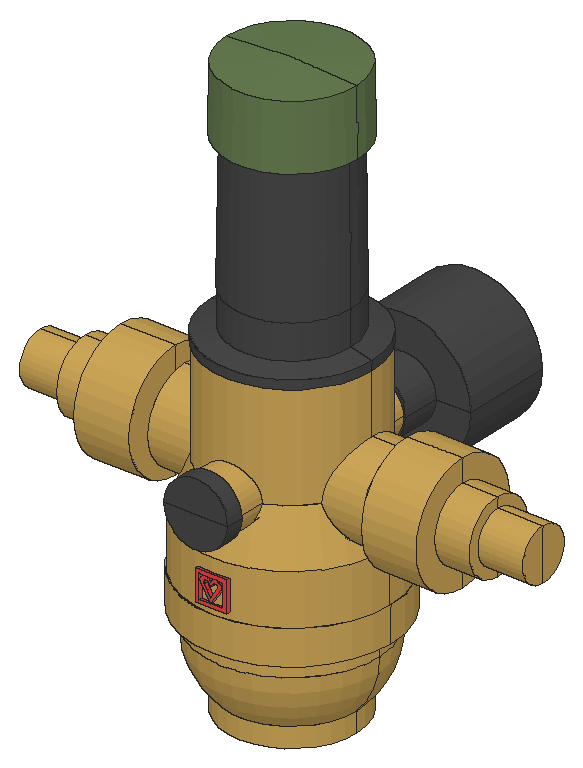
Revit family "Мембранный редуктор давления с крышкой фильтрующего элемента из латуни 2682", category Rohrzubehör, Revit 2019
Family settings
  Bemaßung runder Anschluss = Durchmesser verwenden
  Teiletyp = Unterbricht
  OmniClass-Nummer = 23.65.55.14
  OmniClass-Titel = Valves for Liquid Services
  Arbeitsebenenbasiert = Nein
  Immer vertikal = Ja
  Beim Laden mit Abzugskörper schneiden = Nein
  Gemeinsam genutzt = Nein
Parameters (values of type "Манометр сзади")
  Фильтрующий элемент = "нержавеющая сталь, размер ячейки 0.3 мм"  # constant formula
  Пружина = "пружинная сталь"  # constant formula
  Примечание = "В соответствии со статьей 33 Регламента REACH (Registration; Evaluation; Authorisation; Restriction of Chemicals) (EC № 1907/2006) мы обязаны указать, что свинец внесен в список SVHC (Substances of Very High Concern - вещества очень высокой важности) и весовой процент свинца во всех латунных компонентах заводского изготовления в наших изделиях, превышает 0,1 % (w/w) (CAS: 7439-92-1 / EINECS: 231-100-4).\r\nПоскольку свинец является легирующим компонентом сплава, прямое негативное влияние исключается, и поэтому дополнительной информации о безопасном использовании не требуется."
  Область применения = "Мембранный редуктор давления защищает установки от избыточного давления (снижает давление на входе до рабочего уровня).\r\nРедуктор также может использоваться в системах отопления для защиты водонагревателя от высокого давления.\r\nДавление на выходе настраивается в указанном диапазоне и не зависит от изменения давления на входе.\r\nДавление на выходе можно регулировать путем поворота зеленого маховика.\r\nПри повороте маховика по часовой стрелке увеличивается давление на выходе.\r\nПревышение значений, указанных на шкале редуктора, может привести к повреждению устройства.\r\nДля систем в частных домах рекомендуется установить давление на выходе равным 4 бара, что обеспечивает длительный срок службы изделия и низкие затраты во время его эксплуатации.\r\nПосле изменения настройки необходимо открыть и затем закрыть водоразборный кран и далее проконтролировать достигнутое значение настроенного давления по манометру при закрытом кране водоразбора."
  Номер заказа [instance] = size_lookup("2682_M_", "Artnr", 0, Nennweite)  # 1268221
  Направляющая пружины = "нержавеющая сталь"  # constant formula
  Маховик = "пластик PA6.6, зеленого цвета"  # constant formula
  Макс. рабочая температура = 70 °C  # constant formula
  Букса = "PA6.6"  # constant formula
  Заводская настройка давления на выходе = 300000.0 Pa  # constant formula
  W01 = 91.00°  # constant formula
  Vorne [instance] = no
  VRL03 [instance] = size_lookup("2682_M_", "VRL3", 1.000 mm, Nennweite)  # 23.500 mm
  VRL02 [instance] = size_lookup("2682_M_", "VRL2", 1.000 mm, Nennweite)  # 16.000 mm
  VRL01 [instance] = size_lookup("2682_M_", "VRL1", 1.000 mm, Nennweite)  # 73.500 mm
  VRD02 [instance] = size_lookup("2682_M_", "VRD2", 1.000 mm, Nennweite)  # 17.000 mm
  VRD01 [instance] = size_lookup("2682_M_", "VRD1", 1.000 mm, Nennweite)  # 10.500 mm
  VRAG [instance] = Nennweite / 2  # 7.500 mm
  URL = "www.herz-armaturen.ru"
  Стандарт = "EN 1567"  # constant formula
  SC_NennweiteBerechnet = 0
  SC_Dimension = ""
  SCTWSEQ = "AW;SBT_TYP_AW=\"111\";2"
  SCTWCODE = "04;24;02"  # constant formula
  S02 = 10.000 mm  # constant formula
  S01 [instance] = VRD02 * 2  # 34.000 mm
  R07 [instance] = R05 + 0.800 mm  # 9.300 mm
  R06 = 19.500 mm  # constant formula
  R05 [instance] = size_lookup("2682_M_", "R5", 1.000 mm, Nennweite)  # 8.500 mm
  R04 [instance] = size_lookup("2682_M_", "R4", 1.000 mm, Nennweite)  # 18.900 mm
  R03 [instance] = size_lookup("2682_M_", "R3", 1.000 mm, Nennweite)  # 19.250 mm
  R02 [instance] = size_lookup("2682_M_", "R2", 1.000 mm, Nennweite)  # 28.750 mm
  R01 [instance] = size_lookup("2682_M_", "R1", 1.000 mm, Nennweite)  # 23.250 mm
  Nennweite [instance] = 15.000 mm
  Мембрана = "EPDM"  # constant formula
  Среда = "Питьевая вода"  # constant formula
  Макс. давление на входе = 1600000.0 Pa  # constant formula
  Шкала манометра = "0 - 10 bar"  # constant formula
  Подключение манометра (с обеих сторон) = "1/4\" F (ISO 228-1)"
  LO01 [instance] = H02 - 2.000 mm  # 27.000 mm
  L01 [instance] = size_lookup("2682_M_", "L1", 1.000 mm, Nennweite)  # 10.600 mm
  L00 [instance] = size_lookup("2682_M_", "L", 1.000 mm, Nennweite)  # 84.000 mm
  Крышка = "латунь CW617N"  # constant formula
  Соединение "американка" = "латунь CW617N"  # constant formula
  Hinten [instance] = yes
  Hersteller = "HERZ Armaturen Ges.m.b.H."  # constant formula
  H12 [instance] = size_lookup("2682_M_", "H12", 1.000 mm, Nennweite)  # 5.800 mm
  H11 [instance] = size_lookup("2682_M_", "H11", 1.000 mm, Nennweite)  # 10.000 mm
  H10 [instance] = size_lookup("2682_M_", "H10", 1.000 mm, Nennweite)  # 37.000 mm
  H09 [instance] = H01 + H04 - H05  # 84.500 mm
  H08 [instance] = size_lookup("2682_M_", "H8", 1.000 mm, Nennweite)  # 20.000 mm
  H07 [instance] = size_lookup("2682_M_", "H7", 1.000 mm, Nennweite)  # 10.000 mm
  H06 [instance] = size_lookup("2682_M_", "H6", 1.000 mm, Nennweite)  # 2.500 mm
  H05 [instance] = size_lookup("2682_M_", "H5", 1.000 mm, Nennweite)  # 4.700 mm
  H04 [instance] = size_lookup("2682_M_", "H4", 1.000 mm, Nennweite)  # 58.700 mm
  H03 [instance] = D02 + 1.000 mm  # 14.220 mm
  H02 [instance] = size_lookup("2682_M_", "H2", 1.000 mm, Nennweite)  # 29.000 mm
  H01 [instance] = size_lookup("2682_M_", "H1", 1.000 mm, Nennweite)  # 30.500 mm
  Корпус (DN32-DN50) = "литая латунь (EN 1982; CC770S)"  # constant formula
  Корпус (DN15-DN25) = "штампованная латунь (EN 12165; CW626N)"  # constant formula
  GT1 [instance] = size_lookup("2682_M_", "GT1", 1.000 mm, Nennweite)  # 12.000 mm
  GT [instance] = size_lookup("2682_M_", "GT", 1.000 mm, Nennweite)  # 13.200 mm
  Диапазон настройки выходного давления = "1.5 - 6 bar"  # constant formula
  Уплотнение в мембранном редукторе = "EPDM"  # constant formula
  Уплотнение соединения "американка" = "Klingersil C-4324"  # constant formula
  D09 [instance] = size_lookup("2682_M_", "D9", 1.000 mm, Nennweite)  # 19.000 mm
  D08 [instance] = size_lookup("2682_M_", "D8", 1.000 mm, Nennweite)  # 25.800 mm
  D07 [instance] = size_lookup("2682_M_", "D7", 1.000 mm, Nennweite)  # 29.000 mm
  D06 [instance] = size_lookup("2682_M_", "D6", 1.000 mm, Nennweite)  # 16.000 mm
  D05 [instance] = size_lookup("2682_M_", "D5", 1.000 mm, Nennweite)  # 16.800 mm
  D04 [instance] = size_lookup("2682_M_", "D4", 1.000 mm, Nennweite)  # 17.300 mm
  D03 [instance] = size_lookup("2682_M_", "D3", 1.000 mm, Nennweite)  # 23.500 mm
  D02 [instance] = size_lookup("2682_M_", "D2", 1.000 mm, Nennweite)  # 13.220 mm
  D01 [instance] = size_lookup("2682_M_", "D1", 1.000 mm, Nennweite)  # 9.525 mm
  B03 = 5.000 mm  # constant formula
  B02 = 26.000 mm  # constant formula
  B01 [instance] = size_lookup("2682_M_", "B1", 1.000 mm, Nennweite)  # 30.000 mm
  B00 [instance] = size_lookup("2682_M_", "B", 1.000 mm, Nennweite)  # 67.000 mm
  Наружная резьба подключения = "в соответствии с ISO 7-1 и ISO228"  # constant formula
Types (3, lengths in mm): name | Vorne | Hinten
  (no name) | no | yes
  Манометр спереди | yes | no
  Манометр сзади | no | yes
Reference planes
  plane 1 "Mitte (Vorne/hinten)": y = 0
  plane 2: z = 0
  plane 3 "Mitte (Links/rechts)": x = 0
Forms (mm)
  Revolve 1, solid, material "Messing, weicher Gelbton, geschweißt", detail levels fine
    sketch origin (0, 0, 0) x (1, 0, 0) y (0, 0, 1)
      loop
        line (-42, 0) -> (42, 0) -> (42, 9.525) -> (31.4, 9.525) -> (31.4, 13.22) -> (-31.4, 13.22) -> (-31.4, 9.525) -> (-42, 9.525) -> (-42, 0)
      axis (-42, 0) -> (42, 0)
    angle from 0 to 360
  Revolve 2, solid, material "Messing, weicher Gelbton, geschweißt", detail levels fine
    sketch origin (0, 0, 0) x (1, 0, 0) y (0, 0, 1)
      loop
        line (0, -29) -> (28.75, -29) -> (28.75, -14.22) -> (23.25, 0) -> (23.25, 30.5) -> (0, 30.5) -> (0, -29)
      axis (0, 30.5) -> (0, -29)
    angle from 0 to 360
  Revolve 3, solid, material "Acetalharz, Schwarz", detail levels fine
    sketch origin (0, 0, 0) x (1, 0, 0) y (0, 0, 1)
      loop
        line (0, 30.5) -> (0, 89.2) -> (-16, 89.2) -> (-16, 84.5) -> (-16.8, 84.5) -> (-17.3, 44.5) -> (-17.3, 34.5) -> (-23.5, 33) -> (-23.5, 30.5) -> (0, 30.5)
      axis (0, 89.2) -> (0, 30.5)
    angle from 0 to 360
  Revolve 4, solid, material "Kunststoff GRÜN", detail levels fine
    sketch origin (0, 0, 0) x (1, 0, 0) y (0, 0, 1)
      loop
        line (0, 84.5) -> (19.25, 84.5) -> (18.9, 103.392)
        arc (18.9, 103.392) -> (9.466, 104.223) -> (0, 104.5) r 161.794
        line (0, 104.5) -> (0, 84.5)
      axis (0, 104.5) -> (0, 84.5)
    angle from 0 to 360
  Revolve 5, solid, material "Messing, weicher Gelbton, geschweißt", detail levels fine
    sketch origin (0, 0, 0) x (1, 0, 0) y (0, 0, 1)
      loop
        line (0, -29) -> (0, -66) -> (19, -66) -> (19, -60.2)
        arc (19, -60.2) -> (24.034, -52.577) -> (25.8, -43.615) r 23.626
        line (25.8, -43.615) -> (25.8, -39) -> (29, -39) -> (29, -29) -> (0, -29)
      axis (0, -29) -> (0, -66)
    angle from 0 to 360
  Revolve 6, solid, material "Messing, weicher Gelbton, geschweißt", detail levels fine
    sketch origin (0, 0, 0) x (1, 0, 0) y (0, 0, 1)
      loop
        line (34, 9.525) -> (46, 9.525) -> (46, 0) -> (73.5, 0) -> (73.5, 7.5) -> (60.3, 7.5) -> (60.3, 10.5) -> (50, 10.5) -> (50, 17) -> (34, 17) -> (34, 9.525)
      loop
        line (-34, 9.525) -> (-34, 17) -> (-50, 17) -> (-50, 10.5) -> (-60.3, 10.5) -> (-60.3, 7.5) -> (-73.5, 7.5) -> (-73.5, 0) -> (-46, 0) -> (-46, 9.525) -> (-34, 9.525)
      axis (-73.5, 0) -> (73.5, 0)
    angle from 0 to 360
  Revolve 7, solid, material "Messing, weicher Gelbton, geschweißt", detail levels fine
    sketch origin (0, 0, 0) x (1, 0, 0) y (0, 1, 0)
      loop
        line (0, 30) -> (0, -30) -> (8.5, -30) -> (8.5, 30) -> (0, 30)
      axis (0, 30) -> (0, -30)
    angle from 0 to 360
  Revolve 8, solid, material "Acetalharz, Schwarz", visible <- "Vorne", detail levels fine
    sketch origin (0, 0, 0) x (1, 0, 0) y (0, 1, 0)
      loop
        line (0, -30) -> (0, -65) -> (17.5, -65) -> (17.5, -67) -> (19.5, -67) -> (19.5, -41) -> (9.3, -41) -> (9.3, -30) -> (0, -30)
      axis (0, -30) -> (0, -67)
    angle from 0 to 360
  Revolve 9, solid, material "Acetalharz, Schwarz", visible <- "Vorne", detail levels fine
    sketch origin (0, 0, 0) x (1, 0, 0) y (0, 1, 0)
      loop
        line (0, 30) -> (9.3, 30) -> (9.3, 35) -> (0, 35) -> (0, 30)
      axis (0, 35) -> (0, 30)
    angle from 0 to 360
  Revolve 10, solid, material "Acetalharz, Schwarz", visible <- "Hinten", detail levels fine
    sketch origin (0, 0, 0) x (1, 0, 0) y (0, -1, 0)
      loop
        line (0, 30) -> (9.3, 30) -> (9.3, 35) -> (0, 35) -> (0, 30)
      axis (0, 35) -> (0, 30)
    angle from 0 to 360
  Revolve 11, solid, material "Acetalharz, Weiß", visible <- "Vorne", detail levels fine
    sketch origin (0, 0, 0) x (1, 0, 0) y (0, 1, 0)
      loop
        line (0, -65) -> (0, -66.5) -> (17.5, -66.5) -> (17.5, -65) -> (0, -65)
      axis (0, -65) -> (0, -66.5)
    angle from 0 to 360
  Revolve 12, solid, material "Acetalharz, Schwarz", visible <- "Hinten", detail levels fine
    sketch origin (0, 0, 0) x (1, 0, 0) y (0, -1, 0)
      loop
        line (0, -30) -> (0, -65) -> (17.5, -65) -> (17.5, -67) -> (19.5, -67) -> (19.5, -41) -> (9.3, -41) -> (9.3, -30) -> (0, -30)
      axis (0, -30) -> (0, -67)
    angle from 0 to 360
  Revolve 13, solid, material "Acetalharz, Weiß", visible <- "Hinten", detail levels fine
    sketch origin (0, 0, 0) x (1, 0, 0) y (0, -1, 0)
      loop
        line (0, -65) -> (0, -66.5) -> (17.5, -66.5) -> (17.5, -65) -> (0, -65)
      axis (0, -65) -> (0, -66.5)
    angle from 0 to 360
Lines and regions (mm)
  model lines, detail levels coarse+medium
    curve 1: line (-42, 0, -17) -> (-42, 0, 17)
    curve 2: line (-42, 0, 17) -> (42, 0, -34)
    curve 3: line (42, 0, -34) -> (42, 0, 34)
    curve 4: line (42, 0, 34) -> (-42, 0, -17)
    curve 5: line (-42, 0, 17) -> (-52, 0, 17)
    curve 6: line (-52, 0, 17) -> (-42, 0, 0)
    curve 7: line (-42, 0, -17) -> (-52, 0, -17)
    curve 8: line (-52, 0, -17) -> (-42, 0, 0)
    curve 9: line (-42, 0, 0) -> (-73.5, 0, 0)
    curve 10: line (42, 0, 17) -> (52, 0, 17)
    curve 11: line (52, 0, 17) -> (42, 0, 0)
    curve 12: line (42, 0, -17) -> (52, 0, -17)
    curve 13: line (52, 0, -17) -> (42, 0, 0)
    curve 14: line (42, 0, 0) -> (73.5, 0, 0)
    curve 15: line (-42, -17, 0) -> (-42, 17, 0)
    curve 16: line (-42, 17, 0) -> (42, -34, 0)
    curve 17: line (42, -34, 0) -> (42, 34, 0)
    curve 18: line (42, 34, 0) -> (-42, -17, 0)
    curve 19: line (-42, 17, 0) -> (-52, 17, 0)
    curve 20: line (-52, 17, 0) -> (-42, 0, 0)
    curve 21: line (-42, -17, 0) -> (-52, -17, 0)
    curve 22: line (-52, -17, 0) -> (-42, 0, 0)
    curve 23: line (42, 0, -17) -> (42, 0, 17)
    curve 24: line (42, 0, 17) -> (52, 0, 17)
    curve 25: line (52, 0, 17) -> (42, 0, 0)
    curve 26: line (42, 17, 0) -> (52, 17, 0)
    curve 27: line (52, 17, 0) -> (42, 0, 0)
    curve 28: line (42, -17, 0) -> (52, -17, 0)
    curve 29: line (52, -17, 0) -> (42, 0, 0)
Dimensions and locks
  equal spacing: Revolve 1 sketch curve, plane 3 "Mitte (Links/rechts)", Revolve 1 sketch curve
  "L00": Revolve 1 sketch curve to Revolve 1 sketch curve
  "L01": Revolve 1 sketch curve to Revolve 1 sketch curve  (x2)
  "D01": Revolve 1 sketch curve to Revolve 1 sketch curve  (x2)
  "D02": Revolve 1 sketch curve to plane 2
  "R01": Revolve 2 sketch curve to Revolve 2 sketch curve
  "R02": Revolve 2 sketch curve to Revolve 2 sketch curve
  "H01": Revolve 2 sketch curve to plane 2
  "H02": plane 2 to Revolve 2 sketch curve
  "H03": plane 2 to Revolve 2 sketch curve
  "H01": Revolve 3 sketch curve to plane 2
  "H04": Revolve 3 sketch curve to Revolve 3 sketch curve
  "H05": Revolve 3 sketch curve to Revolve 3 sketch curve
  "H06": Revolve 3 sketch curve to Revolve 3 sketch curve
  "H07": Revolve 3 sketch curve to Revolve 3 sketch curve
  "D03": Revolve 3 sketch curve to Revolve 3 sketch curve
  "D04": Revolve 3 sketch curve to Revolve 3 sketch curve
  "D05": Revolve 3 sketch curve to Revolve 3 sketch curve
  "D06": Revolve 3 sketch curve to Revolve 3 sketch curve
  "R03": Revolve 4 sketch curve to Revolve 4 sketch curve
  "H08": Revolve 4 sketch curve to Revolve 4 sketch curve
  "R04": Revolve 4 sketch curve to plane 3 "Mitte (Links/rechts)"
  "H09": Revolve 4 sketch curve to plane 2
  "H10": Revolve 5 sketch curve to Revolve 5 sketch curve
  "H02": plane 2 to Revolve 5 sketch curve
  "D07": Revolve 5 sketch curve to Revolve 5 sketch curve
  "H11": Revolve 5 sketch curve to Revolve 5 sketch curve
  "D08": Revolve 5 sketch curve to Revolve 5 sketch curve
  "H12": Revolve 5 sketch curve to Revolve 5 sketch curve
  "D09": Revolve 5 sketch curve to Revolve 5 sketch curve
  "VRL02": Revolve 6 sketch curve to Revolve 6 sketch curve  (x2)
  "VRL01": Revolve 6 sketch curve to plane 3 "Mitte (Links/rechts)"
  "GT": Revolve 6 sketch curve to Revolve 6 sketch curve  (x2)
  "VRL03": Revolve 6 sketch curve to Revolve 6 sketch curve  (x2)
  "D01": Revolve 6 sketch curve to plane 2  (x2)
  "GT1": Revolve 6 sketch curve to Revolve 6 sketch curve  (x2)
  "VRAG": Revolve 6 sketch curve to plane 2  (x2)
  "VRD01": Revolve 6 sketch curve to plane 2  (x2)
  "VRD02": Revolve 6 sketch curve to Revolve 6 sketch curve  (x2)
  "VRL01": plane 3 "Mitte (Links/rechts)" to Revolve 6 sketch curve
  "B01": Revolve 7 sketch curve to plane 1 "Mitte (Vorne/hinten)" to Revolve 7 sketch curve
  "R05": Revolve 7 sketch curve to Revolve 7 sketch curve
  "B00": Revolve 8 sketch curve to plane 1 "Mitte (Vorne/hinten)"
  "B01": plane 1 "Mitte (Vorne/hinten)" to Revolve 8 sketch curve
  "B02": Revolve 8 sketch curve to Revolve 8 sketch curve
  "R06": Revolve 8 sketch curve to Revolve 8 sketch curve
  "R07": Revolve 8 sketch curve to Revolve 8 sketch curve
  "R02": nested 1 to plane 1 "Mitte (Vorne/hinten)"
  "LO01": plane 2 to nested 1
  "VRD02": curve 2 to plane 2 to curve 4
  "S01": curve 4 to plane 2 to curve 3
  equal spacing: curve 3, plane 3 "Mitte (Links/rechts)", curve 1
  "L00": curve 3 to curve 1
  "S02": curve 1 to curve 6
  "S02": curve 1 to curve 8
  "VRL01": plane 3 "Mitte (Links/rechts)" to curve 9
  "S02": curve 11 to curve 3
  "S02": curve 13 to curve 3
  "VRL01": curve 14 to plane 3 "Mitte (Links/rechts)"
  "VRD02": curve 10 to plane 2 to curve 12
  equal spacing: curve 15, plane 3 "Mitte (Links/rechts)", curve 17
  "L00": curve 15 to curve 17
  "VRD02": curve 18 to plane 1 "Mitte (Vorne/hinten)" to curve 16
  "S01": curve 17 to plane 1 "Mitte (Vorne/hinten)" to curve 18
  "S02": curve 20 to curve 15
  "S02": curve 22 to curve 15
  "S02": curve 17 to curve 27
  "S02": curve 17 to curve 29
  "VRD02": curve 28 to plane 1 "Mitte (Vorne/hinten)" to curve 26
  "R07": Revolve 9 sketch curve to Revolve 9 sketch curve
  "B03": Revolve 9 sketch curve to Revolve 9 sketch curve
  "B01": plane 1 "Mitte (Vorne/hinten)" to Revolve 9 sketch curve
  "R07": Revolve 10 sketch curve to Revolve 10 sketch curve
  "B03": Revolve 10 sketch curve to Revolve 10 sketch curve
  "B01": Revolve 10 sketch curve to plane 1 "Mitte (Vorne/hinten)"
  "B02": Revolve 12 sketch curve to Revolve 12 sketch curve
  "R06": Revolve 12 sketch curve to Revolve 12 sketch curve
  "R07": Revolve 12 sketch curve to Revolve 12 sketch curve
  aligned and locked: level to plane 2
Automatic sketch dimensions
  Revolve 11 sketch curve to plane 3 "Mitte (Links/rechts)" = 0.000 mm  (x2)
  plane 3 "Mitte (Links/rechts)" to Revolve 11 sketch curve = 17.500 mm
  plane 1 "Mitte (Vorne/hinten)" to Revolve 11 sketch curve = 66.500 mm
  Revolve 11 sketch curve to Revolve 11 sketch curve = 1.500 mm
  Revolve 11 sketch curve to Revolve 11 sketch curve = 1933.500 mm
  Revolve 11 sketch curve to plane 1 "Mitte (Vorne/hinten)" = 2000.000 mm
  Revolve 13 sketch curve to plane 3 "Mitte (Links/rechts)" = 0.000 mm  (x2)
  Revolve 13 sketch curve to plane 3 "Mitte (Links/rechts)" = 17.500 mm
  plane 1 "Mitte (Vorne/hinten)" to Revolve 13 sketch curve = 66.500 mm
  Revolve 13 sketch curve to Revolve 13 sketch curve = 1.500 mm
  Revolve 13 sketch curve to Revolve 13 sketch curve = 1933.500 mm
  Revolve 13 sketch curve to plane 1 "Mitte (Vorne/hinten)" = 2000.000 mm
  curve 25 to level = 0.000 mm
  curve 14 to level = 0.000 mm
  curve 6 to level = 0.000 mm
  curve 8 to level = 0.000 mm
  curve 24 to curve 10 = 0.000 mm
  plane 1 "Mitte (Vorne/hinten)" to curve 29 = 0.000 mm
  plane 1 "Mitte (Vorne/hinten)" to curve 20 = 0.000 mm
  Revolve 1 sketch curve to level = 0.000 mm  (x2)
  Revolve 1 sketch curve to Revolve 1 sketch curve = 1464.530 mm
  Revolve 1 sketch curve to Revolve 1 sketch curve = 1797.148 mm
  Revolve 2 sketch curve to plane 3 "Mitte (Links/rechts)" = 0.000 mm  (x2)
  Revolve 2 sketch curve to level = 0.000 mm
  Revolve 2 sketch curve to Revolve 2 sketch curve = 337.045 mm
  Revolve 2 sketch curve to Revolve 2 sketch curve = 2183.815 mm
  Revolve 3 sketch curve to plane 3 "Mitte (Links/rechts)" = 0.000 mm  (x2)
  Revolve 3 sketch curve to Revolve 3 sketch curve = 1.500 mm
  Revolve 3 sketch curve to level = 366.045 mm
  Revolve 3 sketch curve to Revolve 3 sketch curve = 2125.115 mm
  Revolve 4 sketch curve to plane 3 "Mitte (Links/rechts)" = 0.000 mm  (x2)
  Revolve 4 sketch curve to level = 57.294 mm
  Revolve 4 sketch curve to Revolve 4 sketch curve = 308.751 mm
  Revolve 4 sketch curve to Revolve 4 sketch curve = 2109.815 mm
  Revolve 5 sketch curve to plane 3 "Mitte (Links/rechts)" = 0.000 mm  (x2)
  plane 3 "Mitte (Links/rechts)" to Revolve 5 sketch curve = 2.174 mm
  Revolve 5 sketch curve to Revolve 5 sketch curve = 300.045 mm
  level to Revolve 5 sketch curve = 2214.315 mm
  Revolve 6 sketch curve to level = 0.000 mm  (x3)
  Revolve 6 sketch curve to Revolve 6 sketch curve = 1433.030 mm
  Revolve 6 sketch curve to Revolve 6 sketch curve = 1765.648 mm
  Revolve 7 sketch curve to plane 3 "Mitte (Links/rechts)" = 0.000 mm  (x2)
  Revolve 7 sketch curve to Revolve 7 sketch curve = 1950.000 mm  (x2)
  Revolve 8 sketch curve to plane 3 "Mitte (Links/rechts)" = 0.000 mm  (x2)
  Revolve 8 sketch curve to Revolve 8 sketch curve = 2.000 mm  (x2)
  Revolve 8 sketch curve to Revolve 8 sketch curve = 1936.000 mm
  Revolve 8 sketch curve to plane 1 "Mitte (Vorne/hinten)" = 2000.000 mm
  Revolve 9 sketch curve to plane 3 "Mitte (Links/rechts)" = 0.000 mm  (x2)
  plane 1 "Mitte (Vorne/hinten)" to Revolve 9 sketch curve = 2000.000 mm
  Revolve 9 sketch curve to Revolve 9 sketch curve = 1963.669 mm
  Revolve 10 sketch curve to plane 3 "Mitte (Links/rechts)" = 0.000 mm  (x2)
  plane 1 "Mitte (Vorne/hinten)" to Revolve 10 sketch curve = 2000.000 mm
  Revolve 10 sketch curve to Revolve 10 sketch curve = 1963.669 mm
  Revolve 12 sketch curve to plane 3 "Mitte (Links/rechts)" = 0.000 mm  (x2)
  Revolve 12 sketch curve to Revolve 12 sketch curve = 2.000 mm  (x2)
  plane 1 "Mitte (Vorne/hinten)" to Revolve 12 sketch curve = 67.000 mm
  Revolve 12 sketch curve to Revolve 12 sketch curve = 11.000 mm
  Revolve 12 sketch curve to Revolve 12 sketch curve = 1936.000 mm
  Revolve 12 sketch curve to plane 1 "Mitte (Vorne/hinten)" = 2000.000 mm
Nested families
  nested 1: "Herz-Logo-vorne" at (0, -28.75, -22.5) x (0, 1, 0) z (0, 0, 1), type "Herz-Logo-vorne", detail levels fine
Connectors
  piping at (73.5, 0, 0), diameter 15, driven by "Nennweite"
    settings: on Revolve 6, index 1, connector inside diameter 609.6 mm, connector length 0.000 mm, flow factor 0, pipe flow 0.0 L/s, pressure drop 0.0 Pa, fitting loss kfactor 0, connector angle 0.00°, fixture units 0, engagement length 0.000 mm, angle of deflection 0.00°, flow configuration 0, flow direction 2, fitting loss method 0, system type 29, joint type 0, gender type 0, connector reference index -1, connector utility 0, adjustable connector no, is connector primary yes, connector description ""
  piping at (-73.5, 0, 0), diameter 15, driven by "Nennweite"
    settings: on Revolve 6, index 2, connector inside diameter 609.6 mm, connector length 0.000 mm, flow factor 0, pipe flow 0.0 L/s, pressure drop 0.0 Pa, fitting loss kfactor 0, connector angle 0.00°, fixture units 0, engagement length 0.000 mm, angle of deflection 0.00°, flow configuration 0, flow direction 1, fitting loss method 0, system type 29, joint type 0, gender type 0, connector reference index -1, connector utility 0, adjustable connector no, is connector primary no, connector description ""
Definition of nested family "Herz-Logo-vorne"
  Reference planes
    plane 1 "Mitte (Vorne/hinten)": y = 0
    plane 2: z = 0
    plane 3 "Mitte (Links/rechts)": x = 0
  Forms (mm)
    Extrusion 1, solid
      sketch origin (0.732, -0.018, 0.017) x (0, -1, 0) y (0, 0, 1)
        loop
          line (-0.018, -4.517) -> (4.482, -4.517) -> (4.482, 4.483) -> (-4.518, 4.483) -> (-4.518, -4.517) -> (-0.018, -4.517)
        loop
          line (-0.05, -3.48) -> (3.482, -3.48) -> (3.482, 3.483) -> (-3.518, 3.483) -> (-3.518, -3.48) -> (-0.05, -3.48)
        loop
          arc (-0.018, 2.383) -> (-1.543, 3.287) -> (-3.067, 2.383) r 1.738
          arc (-3.067, 2.383) -> (-3.191, 1.899) -> (-3.067, 1.415) r 1.009
          line (-3.067, 1.415) -> (-0.018, -3.281) -> (3.032, 1.415)
          arc (3.032, 1.415) -> (3.156, 1.899) -> (3.032, 2.383) r 1.009
          arc (3.032, 2.383) -> (1.507, 3.287) -> (-0.018, 2.383) r 1.738
        loop
          arc (1.885, 1.272) -> (2.005, 1.675) -> (1.885, 2.079) r 0.74
          arc (1.885, 2.079) -> (1.265, 2.416) -> (0.644, 2.079) r 0.74
          line (0.644, 2.079) -> (-0.018, 0.97) -> (-0.679, 2.079)
          arc (-0.679, 2.079) -> (-1.3, 2.416) -> (-1.921, 2.079) r 0.74
          arc (-1.921, 2.079) -> (-2.04, 1.675) -> (-1.921, 1.272) r 0.74
          line (-1.921, 1.272) -> (-0.018, -1.658) -> (1.885, 1.272)
      from 0 to 1.5
  Dimensions and locks
    aligned and locked: level to plane 2
